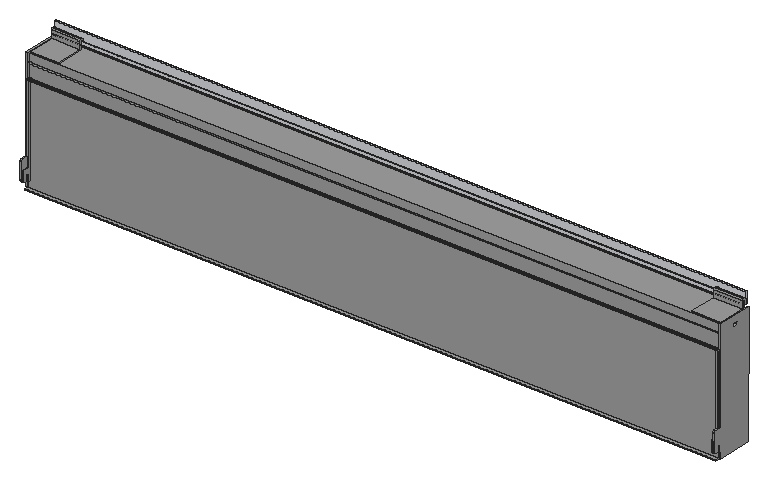
Revit family "Alcon-15233-2-6-Revit-Family", category Lighting Fixtures, host Ceiling, Revit 2021
Family settings
  Host = Ceiling
  Round Connector Dimension = Use Diameter
  Part Type = Normal
  Always vertical = Yes
  Cut with Voids When Loaded = No
  Light Source = Yes
  Shared = No
  Room Calculation Point = No
Parameters (values of type "15233-2 - 4FT")
  Wattage = 9.2903 W
  built-in parameter 1150110 = 1 (stored number, unit not read)
  built-in parameter 1114217 = 1 (stored number, unit not read)
  built-in parameter 1150109 = 1 (stored number, unit not read)
  built-in parameter 1150134 = 3
  built-in parameter 1150113 = 1 (stored number, unit not read)
  Reflector = Reflector
  Product Identity = "Alcon Lighting 15233-6"
  Manufacturer = "Alcon Light"
  built-in parameter 1150105 = 439.27 (stored number, unit not read)
  Lumens = 1380 lm
  built-in parameter 1150115 = 1 (stored number, unit not read)
  Link To Product Page = "https://www.alconlighting.com/15233-6-perimeter-led-cove-light-fixture.html"
  Light Source Symbol Size = 2' - 0"
  built-in parameter 1150137 = (empty or 0)
  built-in parameter 1150139 = (empty or 0)
  Length = 4' - 0"
  Led Source = Led Source
  built-in parameter 1150112 = 1 (stored number, unit not read)
  built-in parameter 1150114 = 1 (stored number, unit not read)
  built-in parameter 1150132 = (empty or 0)
  built-in parameter 1150102 = (empty or 0)
  built-in parameter 1150107 = 3200 (stored number, unit not read)
  built-in parameter 1150138 = (empty or 0)
  built-in parameter 1150106 = 4.3927 (stored number, unit not read)
  Housing = Default
  Lens = Lens
  Emit from Line Length = 4' - 0"
  built-in parameter 1150104 = 13.8 (stored number, unit not read)
  Dimming Lamp Color Temperature Shift = <None>
  Default Elevation = 0' - 0"
  Color Filter = 16777215
  built-in parameter 1114218 = 1 (stored number, unit not read)
  built-in parameter 1150133 = 10 (stored number, unit not read)
Types (4): name | Product Identity | Link To Product Page | Length | Emit from Line Length
  15233-2 - 8FT | "Alcon Lighting 15233-2" | "https://www.alconlighting.com/15233-2-perimeter-led-cove-light-fixture.html" | 8' - 0" | 8' - 0"
  15233-2 - 4FT | "Alcon Lighting 15233-6" | "https://www.alconlighting.com/15233-6-perimeter-led-cove-light-fixture.html" | 4' - 0" | 4' - 0"
  15233-2 - 3FT | "Alcon Lighting 15233-2" | "https://www.alconlighting.com/15233-2-perimeter-led-cove-light-fixture.html" | 3' - 0" | 3' - 0"
  15233-2 - 2FT | "Alcon Lighting 15233-2" | "https://www.alconlighting.com/15233-2-perimeter-led-cove-light-fixture.html" | 2' - 0" | 2' - 0"
Reference planes (in)
  plane 1 "Center (Front/Back)": y = 0
  plane 2: z = 0
  plane 3 "Center (Left/Right)": x = 0
  plane 4 "Ceiling": z = 157.48031
Forms (in)
  Extrusion 1, solid, material "Default" <- "Housing"
    sketch origin (0, 0, 324.42063) x (0, -1, 0) y (0, 0, -1)
      loop
        line (-1.10507, 160.94031) -> (-1.17, 160.94031) -> (-1.17, 160.25987)
        arc (-1.17, 160.25987) -> (-1.1514, 160.22514) -> (-1.17, 160.19041) r 0.04173
        line (-1.17, 160.19041) -> (-1.17, 159.26536)
        arc (-1.17, 159.26536) -> (-1.1514, 159.23063) -> (-1.17, 159.1959) r 0.04173
        line (-1.17, 159.1959) -> (-1.17, 158.63031) -> (1.17, 158.63031) -> (1.17, 159.1959)
        arc (1.17, 159.1959) -> (1.1514, 159.23063) -> (1.17, 159.26536) r 0.04173
        line (1.17, 159.26536) -> (1.17, 160.19041)
        arc (1.17, 160.19041) -> (1.1514, 160.22514) -> (1.17, 160.25987) r 0.04173
        line (1.17, 160.25987) -> (1.17, 160.94031) -> (1.10507, 160.94031) -> (1.10507, 160.59384) -> (0.94451, 160.59384) -> (0.94451, 160.39651) -> (1.01249, 160.39651) -> (1.01249, 160.49344) -> (1.10507, 160.49344) -> (1.10507, 160.30581) -> (0.94451, 160.30581) -> (0.94451, 160.15243) -> (1.10507, 160.15243) -> (1.10507, 159.86853) -> (0.98124, 159.86853) -> (0.98124, 159.95891) -> (0.89763, 159.95891) -> (0.89763, 159.56434) -> (0.97504, 159.56434) -> (0.97504, 159.78837) -> (1.10507, 159.78837) -> (1.10507, 159.35818) -> (0.94451, 159.35818) -> (0.94451, 159.10332) -> (1.10507, 159.10332) -> (1.10507, 158.69406) -> (-1.10507, 158.69406) -> (-1.10507, 159.10332) -> (-0.94451, 159.10332) -> (-0.94451, 159.35818) -> (-1.10507, 159.35818) -> (-1.10507, 159.78837) -> (-0.97504, 159.78837) -> (-0.97504, 159.56434) -> (-0.89763, 159.56434) -> (-0.89763, 159.95891) -> (-0.98124, 159.95891) -> (-0.98124, 159.86853) -> (-1.10507, 159.86853) -> (-1.10507, 160.15243) -> (-0.94451, 160.15243) -> (-0.94451, 160.30581) -> (-1.10507, 160.30581) -> (-1.10507, 160.49344) -> (-1.01249, 160.49344) -> (-1.01249, 160.39651) -> (-0.94451, 160.39651) -> (-0.94451, 160.59384) -> (-1.10507, 160.59384) -> (-1.10507, 160.94031)
      loop
        line (-1.10507, 160.25987) -> (-1.10507, 160.19041) -> (-0.99687, 160.19041) -> (-0.99687, 160.25987) -> (-1.10507, 160.25987)
      loop
        line (-1.10507, 159.26536) -> (-1.10507, 159.1959) -> (-0.99687, 159.1959) -> (-0.99687, 159.26536) -> (-1.10507, 159.26536)
      loop
        line (1.10507, 160.25987) -> (0.99687, 160.25987) -> (0.99687, 160.19041) -> (1.10507, 160.19041) -> (1.10507, 160.25987)
      loop
        line (1.10507, 159.26536) -> (0.99687, 159.26536) -> (0.99687, 159.1959) -> (1.10507, 159.1959) -> (1.10507, 159.26536)
    from 0 to 48
  Extrusion 2, solid, material "Default" <- "Housing"
    sketch origin (0, 0, 324.49875) x (0, -1, 0) y (0, 0, -1)
      loop
        line (0.43275, 159.91309) -> (-0.43275, 159.91309) -> (-0.38581, 159.96003) -> (-0.40888, 160.01719) -> (-0.4398, 160.0047) -> (-0.42292, 159.96289) -> (-0.46437, 159.92144) -> (-0.86552, 160.91526)
        arc (-0.86552, 160.91526) -> (-0.85997, 160.93651) -> (-0.83803, 160.93734) r 0.01841
        line (-0.83803, 160.93734) -> (-0.80943, 160.91772) -> (-0.80943, 160.97547) -> (-0.88982, 160.97547) -> (-0.90716, 161.01844) -> (-1.10507, 161.01844) -> (-1.10507, 160.89872) -> (-0.94451, 160.66941) -> (-0.94451, 160.03704) -> (-0.55369, 160.03704) -> (-0.48631, 159.87012) -> (0.48631, 159.87012) -> (0.55369, 160.03704) -> (0.94451, 160.03704) -> (0.94451, 160.66941) -> (1.10507, 160.89872) -> (1.10507, 161.01844) -> (0.90716, 161.01844) -> (0.88982, 160.97547) -> (0.80943, 160.97547) -> (0.80943, 160.91772) -> (0.83803, 160.93734)
        arc (0.83803, 160.93734) -> (0.85997, 160.93651) -> (0.86552, 160.91526) r 0.01841
        line (0.86552, 160.91526) -> (0.46437, 159.92144) -> (0.42292, 159.96289) -> (0.4398, 160.0047) -> (0.40888, 160.01719) -> (0.38581, 159.96003) -> (0.43275, 159.91309)
      loop
        line (-0.57103, 160.08001) -> (-0.93247, 160.97547) -> (-1.0621, 160.97547) -> (-1.0621, 160.91226) -> (-0.90154, 160.68295) -> (-0.90154, 160.08001) -> (-0.57103, 160.08001)
      loop
        line (0.57103, 160.08001) -> (0.90154, 160.08001) -> (0.90154, 160.68295) -> (1.0621, 160.91226) -> (1.0621, 160.97547) -> (0.93247, 160.97547) -> (0.57103, 160.08001)
    from 0 to 48
  Extrusion 3, solid, material "Lens" <- "Lens"
    sketch origin (0, 0, 323.99875) x (0, -1, 0) y (0, 0, -1)
      loop
        line (0.84771, 160.38421) -> (0.84771, 160.41825) -> (-0.85144, 160.41825) -> (-0.85144, 160.38421) -> (0.84771, 160.38421)
    from 0 to 48
  Extrusion 4, solid, material "Reflector" <- "Reflector"
    sketch origin (0, 0, 324.49875) x (0, -1, 0) y (0, 0, -1)
      loop
        line (-0.47251, 159.9416) -> (-0.42506, 159.96075) -> (-0.79121, 160.8679) -> (-0.83867, 160.84875) -> (-0.47251, 159.9416)
      loop
        line (0.4736, 159.9443) -> (0.83843, 160.84815) -> (0.79853, 160.86425) -> (0.43371, 159.9604) -> (0.4736, 159.9443)
    from 0 to 48
  Extrusion 5, solid, material "Led Source" <- "Led Source"
    sketch origin (0, 0, 324.49875) x (0, -1, 0) y (0, 0, -1)
      loop
        line (0.2188, 159.91309) -> (0.2188, 159.95517) -> (-0.2188, 159.95517) -> (-0.2188, 159.91309) -> (0.2188, 159.91309)
    from 0 to 48
  Extrusion 6, void
    sketch origin (0, 0, 157.48031) x (0, 1, 0) y (-1, 0, 0)
      loop
        line (-1.17, 0) -> (-1.17, -48) -> (1.17, -48) -> (1.17, 0) -> (-1.17, 0)
    from -0.06276 to 9.33407
  Extrusion 7, solid
    sketch origin (0, 0, 6) x (0, 1, 0) y (0, 0, 1)
      loop
        line (1.17, 160.81439) -> (1.1166, 160.81439) -> (1.1166, 160.08507) -> (0.96243, 160.08507) -> (0.96243, 160.33507) -> (0.89545, 160.33507) -> (0.89545, 160.08229)
        arc (0.89545, 160.08229) -> (0.91135, 160.04391) -> (0.94972, 160.02802) r 0.05427
        line (0.94972, 160.02802) -> (1.12549, 160.02802)
        arc (1.12549, 160.02802) -> (1.15696, 160.04106) -> (1.17, 160.07253) r 0.04451
        line (1.17, 160.07253) -> (1.17, 160.81439)
    from 0 to 48
  Extrusion 8, solid, material "Default" <- "Housing"
    sketch origin (0, 0, 6) x (0, 1, 0) y (0, 0, 1)
      loop
        line (1.07327, 160.08507) -> (1.07327, 160.37206)
        arc (1.07327, 160.37206) -> (1.04865, 160.4315) -> (0.9892, 160.45612) r 0.08407
        line (0.9892, 160.45612) -> (0.91692, 160.45612)
        arc (0.91692, 160.45612) -> (0.8507, 160.42869) -> (0.82327, 160.36247) r 0.09365
        line (0.82327, 160.36247) -> (0.82327, 159.84307) -> (-1.07222, 159.84307) -> (-1.07222, 159.79031) -> (0.87747, 159.79031) -> (0.87747, 160.34758)
        arc (0.87747, 160.34758) -> (0.89095, 160.38012) -> (0.92349, 160.3936) r 0.04602
        line (0.92349, 160.3936) -> (0.97147, 160.3936)
        arc (0.97147, 160.3936) -> (1.003, 160.38055) -> (1.01606, 160.34902) r 0.04459
        line (1.01606, 160.34902) -> (1.01606, 160.08507) -> (1.07327, 160.08507)
    from 0 to 2
  Extrusion 9, solid, material "Default" <- "Housing"
    sketch origin (0, 0, 6) x (0, 1, 0) y (0, 0, 1)
      loop
        line (1.07327, 160.08507) -> (1.07327, 160.37206)
        arc (1.07327, 160.37206) -> (1.04865, 160.4315) -> (0.9892, 160.45612) r 0.08407
        line (0.9892, 160.45612) -> (0.91692, 160.45612)
        arc (0.91692, 160.45612) -> (0.8507, 160.42869) -> (0.82327, 160.36247) r 0.09365
        line (0.82327, 160.36247) -> (0.82327, 159.84307) -> (-1.07222, 159.84307) -> (-1.07222, 159.79031) -> (0.87747, 159.79031) -> (0.87747, 160.34758)
        arc (0.87747, 160.34758) -> (0.89095, 160.38012) -> (0.92349, 160.3936) r 0.04602
        line (0.92349, 160.3936) -> (0.97147, 160.3936)
        arc (0.97147, 160.3936) -> (1.003, 160.38055) -> (1.01606, 160.34902) r 0.04459
        line (1.01606, 160.34902) -> (1.01606, 160.08507) -> (1.07327, 160.08507)
    from 46 to 48
  Extrusion 10, solid, material "Default" <- "Housing"
    sketch origin (0, 0, 6) x (0, 1, 0) y (0, 0, 1)
      loop
        line (-1.17, 158.25919) -> (-1.34217, 158.25919) -> (-1.34217, 158.20784) -> (-1.20239, 158.20784) -> (-1.20239, 151.48031) -> (-1.45239, 151.48031) -> (-1.45239, 151.42755) -> (-1.17, 151.42755) -> (-1.17, 158.25919)
    from 0 to 48
  Extrusion 11, solid, material "Default" <- "Housing"
    sketch origin (0, 0, 3.50391) x (0, 1, 0) y (0, 0, 1)
      loop
        line (-1.20239, 153.9764) -> (1.17, 153.9764) -> (1.17, 162.34728) -> (-1.20239, 162.34728) -> (-1.20239, 155.8825) -> (-1.63309, 155.8825)
        arc (-1.63309, 155.8825) -> (-1.69446, 155.85708) -> (-1.71988, 155.79571) r 0.08679
        line (-1.71988, 155.79571) -> (-1.71988, 154.58599)
        arc (-1.71988, 154.58599) -> (-1.6973, 154.53147) -> (-1.64279, 154.50889) r 0.0771
        line (-1.64279, 154.50889) -> (-1.5854, 154.50889)
        arc (-1.5854, 154.50889) -> (-1.53557, 154.52953) -> (-1.51493, 154.57935) r 0.07046
        line (-1.51493, 154.57935) -> (-1.51493, 154.89687) -> (-1.28446, 154.89687) -> (-1.28446, 154.47577)
        arc (-1.28446, 154.47577) -> (-1.27244, 154.44674) -> (-1.24341, 154.43472) r 0.04105
        line (-1.24341, 154.43472) -> (-1.20239, 154.43472) -> (-1.20239, 153.9764)
      loop
        circle (-1.51997, 155.57418) r 0.05557
      loop
        circle (0, 161.80592) r 0.16861
    from -0.125 to 0
  Extrusion 12, solid, material "Default" <- "Housing"
    sketch origin (0, 0, 3.50391) x (0, 1, 0) y (0, 0, 1)
      loop
        line (-1.20239, 153.9764) -> (1.17, 153.9764) -> (1.17, 162.34728) -> (-1.20239, 162.34728) -> (-1.20239, 155.8825) -> (-1.63309, 155.8825)
        arc (-1.63309, 155.8825) -> (-1.69446, 155.85708) -> (-1.71988, 155.79571) r 0.08679
        line (-1.71988, 155.79571) -> (-1.71988, 154.58599)
        arc (-1.71988, 154.58599) -> (-1.6973, 154.53147) -> (-1.64279, 154.50889) r 0.0771
        line (-1.64279, 154.50889) -> (-1.5854, 154.50889)
        arc (-1.5854, 154.50889) -> (-1.53557, 154.52953) -> (-1.51493, 154.57935) r 0.07046
        line (-1.51493, 154.57935) -> (-1.51493, 154.89687) -> (-1.28446, 154.89687) -> (-1.28446, 154.47577)
        arc (-1.28446, 154.47577) -> (-1.27244, 154.44674) -> (-1.24341, 154.43472) r 0.04105
        line (-1.24341, 154.43472) -> (-1.20239, 154.43472) -> (-1.20239, 153.9764)
      loop
        circle (0, 161.80592) r 0.16861
      loop
        circle (-1.51997, 155.57418) r 0.05557
    from 48 to 48.125
  Extrusion 13, solid, material "Default" <- "Housing"
    sketch origin (0, 0, 3.50391) x (0, 1, 0) y (0, 0, 1)
      loop
        line (-1.20239, 154.43472) -> (-1.20239, 160.70393) -> (-1.33203, 160.70393) -> (-1.33203, 155.2761) -> (-1.63672, 155.2761)
        arc (-1.63672, 155.2761) -> (-1.69552, 155.25175) -> (-1.71988, 155.19294) r 0.08317
        line (-1.71988, 155.19294) -> (-1.71988, 154.58599)
        arc (-1.71988, 154.58599) -> (-1.6973, 154.53147) -> (-1.64279, 154.50889) r 0.0771
        line (-1.64279, 154.50889) -> (-1.5854, 154.50889)
        arc (-1.5854, 154.50889) -> (-1.53557, 154.52953) -> (-1.51493, 154.57935) r 0.07046
        line (-1.51493, 154.57935) -> (-1.51493, 154.89687) -> (-1.28446, 154.89687) -> (-1.28446, 154.47577)
        arc (-1.28446, 154.47577) -> (-1.27244, 154.44674) -> (-1.24341, 154.43472) r 0.04105
        line (-1.24341, 154.43472) -> (-1.20239, 154.43472)
      loop
        circle (-1.52283, 155.15054) r 0.04501
    from 0 to 0.125
  Extrusion 14, solid, material "Default" <- "Housing"
    sketch origin (0, 0, 3.50391) x (0, 1, 0) y (0, 0, 1)
      loop
        line (-1.20239, 154.43472) -> (-1.20239, 160.70393) -> (-1.33203, 160.70393) -> (-1.33203, 155.2761) -> (-1.63672, 155.2761)
        arc (-1.63672, 155.2761) -> (-1.69552, 155.25175) -> (-1.71988, 155.19294) r 0.08317
        line (-1.71988, 155.19294) -> (-1.71988, 154.58599)
        arc (-1.71988, 154.58599) -> (-1.6973, 154.53147) -> (-1.64279, 154.50889) r 0.0771
        line (-1.64279, 154.50889) -> (-1.5854, 154.50889)
        arc (-1.5854, 154.50889) -> (-1.53557, 154.52953) -> (-1.51493, 154.57935) r 0.07046
        line (-1.51493, 154.57935) -> (-1.51493, 154.89687) -> (-1.28446, 154.89687) -> (-1.28446, 154.47577)
        arc (-1.28446, 154.47577) -> (-1.27244, 154.44674) -> (-1.24341, 154.43472) r 0.04105
        line (-1.24341, 154.43472) -> (-1.20239, 154.43472)
      loop
        circle (-1.52283, 155.15054) r 0.04501
    from 47.875 to 48
Dimensions and locks (in)
  equal spacing: host sketch curve, plane 3 "Center (Left/Right)", host sketch curve
  equal spacing: host sketch curve, plane 1 "Center (Front/Back)", host sketch curve
  host sketch curve to host sketch curve = 13' - 1.48031"  (x2)
  plane 4 "Ceiling" to host ceiling = 0' - 0"
  "Length": plane 3 "Center (Left/Right)" to Extrusion 5
  "Length": plane 3 "Center (Left/Right)" to Extrusion 6
  "Length": plane 3 "Center (Left/Right)" to Extrusion 3
  "Length": plane 3 "Center (Left/Right)" to Extrusion 2
  "Length": plane 3 "Center (Left/Right)" to Extrusion 1
  "Length": plane 3 "Center (Left/Right)" to Extrusion 4
  locked: Extrusion 9 to Extrusion 6 at 2
  locked: Extrusion 14 to Extrusion 12 at 0.125
  locked: Extrusion 6 to Extrusion 12 at 0.125
  aligned and locked: Extrusion 6 to Extrusion 7
  aligned and locked: Extrusion 1 to Extrusion 9
  aligned and locked: Extrusion 10 to Extrusion 1
  aligned and locked: Extrusion 12 to Extrusion 1
  aligned and locked: Extrusion 1 to Extrusion 14
Automatic sketch dimensions
  Extrusion 1 sketch curve to plane 4 "Ceiling" = 0' - 6"  (x2)
  Extrusion 1 sketch curve to plane 1 "Center (Front/Back)" = 0' - 1.19313"
  Extrusion 1 sketch curve to Extrusion 1 sketch curve = 0' - 0"  (x13)
  Extrusion 1 sketch curve to Extrusion 1 sketch curve = 0' - 0.02313"  (x5)
  Extrusion 1 sketch curve to Extrusion 1 sketch curve = 0' - 0.06493"  (x8)
  Extrusion 1 sketch curve to Extrusion 1 sketch curve = 0' - 0.09258"  (x3)
  Extrusion 1 sketch curve to Extrusion 1 sketch curve = 0' - 0.10821"  (x5)
  Extrusion 1 sketch curve to Extrusion 1 sketch curve = 0' - 0.12383"
  Extrusion 1 sketch curve to Extrusion 1 sketch curve = 0' - 0.13003"
  Extrusion 1 sketch curve to Extrusion 1 sketch curve = 0' - 0.06799"  (x2)
  Extrusion 1 sketch curve to Extrusion 1 sketch curve = 0' - 0.05236"  (x4)
  Extrusion 1 sketch curve to Extrusion 1 sketch curve = 0' - 0.08361"
  plane 1 "Center (Front/Back)" to Extrusion 1 sketch curve = 0' - 0.89763"
  Extrusion 1 sketch curve to Extrusion 1 sketch curve = 0' - 0 3/64"  (x2)
  Extrusion 1 sketch curve to Extrusion 1 sketch curve = 0' - 0.07741"
  Extrusion 1 sketch curve to Extrusion 1 sketch curve = 0' - 0.0062"
  Extrusion 1 sketch curve to Extrusion 1 sketch curve = 0' - 0.16057"
  Extrusion 1 sketch curve to plane 4 "Ceiling" = 0' - 6.34648"  (x2)
  Extrusion 1 sketch curve to Extrusion 1 sketch curve = 0' - 0.1004"  (x2)
  Extrusion 1 sketch curve to Extrusion 1 sketch curve = 0' - 0.09693"  (x2)
  Extrusion 1 sketch curve to Extrusion 1 sketch curve = 0' - 0.0907"  (x2)
  Extrusion 1 sketch curve to Extrusion 1 sketch curve = 0' - 0.04594"  (x2)
  Extrusion 1 sketch curve to Extrusion 1 sketch curve = 0' - 0.03473"  (x4)
  Extrusion 1 sketch curve to Extrusion 1 sketch curve = 0' - 0.06946"  (x2)
  Extrusion 1 sketch curve to Extrusion 1 sketch curve = 0' - 0.03798"  (x2)
  Extrusion 1 sketch curve to Extrusion 1 sketch curve = 0' - 0.19351"  (x2)
  Extrusion 1 sketch curve to Extrusion 1 sketch curve = 0' - 0.09038"  (x2)
  Extrusion 1 sketch curve to Extrusion 1 sketch curve = 0' - 0.08016"  (x2)
  Extrusion 1 sketch curve to Extrusion 1 sketch curve = 0' - 0.22403"  (x2)
  Extrusion 1 sketch curve to Extrusion 1 sketch curve = 0' - 0.20617"  (x2)
  Extrusion 1 sketch curve to Extrusion 1 sketch curve = 0' - 0.09282"  (x2)
  Extrusion 1 sketch curve to Extrusion 1 sketch curve = 0' - 0.40926"
  Extrusion 1 sketch curve to Extrusion 1 sketch curve = 0' - 0.06375"
  Extrusion 3 sketch curve to plane 1 "Center (Front/Back)" = 0' - 0.85144"
  plane 1 "Center (Front/Back)" to Extrusion 3 sketch curve = 0' - 0.84771"
  Extrusion 3 sketch curve to plane 4 "Ceiling" = 0' - 6.13423"
  Extrusion 3 sketch curve to Extrusion 3 sketch curve = 0' - 0.03404"
  Extrusion 5 sketch curve to plane 1 "Center (Front/Back)" = 0' - 0.2188"
  Extrusion 5 sketch curve to Extrusion 5 sketch curve = 0' - 0.4376"
  Extrusion 5 sketch curve to plane 4 "Ceiling" = 0' - 7.10535"
  Extrusion 5 sketch curve to Extrusion 5 sketch curve = 0' - 0.04208"
  Extrusion 6 sketch curve to plane 3 "Center (Left/Right)" = 0' - 0"
  plane 1 "Center (Front/Back)" to Extrusion 6 sketch curve = 0' - 1.17"
  Extrusion 6 sketch curve to plane 1 "Center (Front/Back)" = 0' - 1.17"
  plane 3 "Center (Left/Right)" to Extrusion 6 sketch curve = 4' - 0"
  plane 1 "Center (Front/Back)" to Extrusion 7 sketch curve = 0' - 0.89545"
  Extrusion 7 sketch curve to Extrusion 7 sketch curve = 0' - 0.05427"
  Extrusion 7 sketch curve to Extrusion 7 sketch curve = 0' - 0.06698"
  Extrusion 7 sketch curve to Extrusion 7 sketch curve = 0' - 0.15417"
  Extrusion 7 sketch curve to Extrusion 7 sketch curve = 0' - 0.00889"
  Extrusion 7 sketch curve to Extrusion 7 sketch curve = 0' - 0.0534"
  Extrusion 7 sketch curve to plane 4 "Ceiling" = 0' - 8.5477"
  Extrusion 7 sketch curve to Extrusion 7 sketch curve = 0' - 0.01254"
  Extrusion 7 sketch curve to Extrusion 7 sketch curve = 0' - 0 1/4"
  Extrusion 7 sketch curve to Extrusion 7 sketch curve = 0' - 0.47931"
  Extrusion 8 sketch curve to plane 1 "Center (Front/Back)" = 0' - 1.07222"
  Extrusion 8 sketch curve to Extrusion 8 sketch curve = 0' - 1.89549"
  Extrusion 8 sketch curve to Extrusion 8 sketch curve = 0' - 0.0542"
  Extrusion 8 sketch curve to Extrusion 8 sketch curve = 0' - 0.03945"
  Extrusion 8 sketch curve to Extrusion 8 sketch curve = 0' - 0.00657"
  Extrusion 8 sketch curve to Extrusion 8 sketch curve = 0' - 0.04798"
  Extrusion 8 sketch curve to Extrusion 8 sketch curve = 0' - 0.01773"
  Extrusion 8 sketch curve to Extrusion 8 sketch curve = 0' - 0.04459"
  Extrusion 8 sketch curve to Extrusion 8 sketch curve = 0' - 0.05721"
  Extrusion 8 sketch curve to plane 4 "Ceiling" = 0' - 8.31"
  Extrusion 8 sketch curve to Extrusion 8 sketch curve = 0' - 0.05275"
  Extrusion 8 sketch curve to Extrusion 8 sketch curve = 0' - 0.24201"
  Extrusion 8 sketch curve to Extrusion 8 sketch curve = 0' - 0.26251"
  Extrusion 8 sketch curve to Extrusion 8 sketch curve = 0' - 0.01489"
  Extrusion 9 sketch curve to plane 1 "Center (Front/Back)" = 0' - 1.07222"
  Extrusion 9 sketch curve to Extrusion 9 sketch curve = 0' - 1.89549"
  Extrusion 9 sketch curve to Extrusion 9 sketch curve = 0' - 0.0542"
  Extrusion 9 sketch curve to Extrusion 9 sketch curve = 0' - 0.03945"
  Extrusion 9 sketch curve to Extrusion 9 sketch curve = 0' - 0.00657"
  Extrusion 9 sketch curve to Extrusion 9 sketch curve = 0' - 0.04798"
  Extrusion 9 sketch curve to Extrusion 9 sketch curve = 0' - 0.01773"
  Extrusion 9 sketch curve to Extrusion 9 sketch curve = 0' - 0.04459"
  Extrusion 9 sketch curve to Extrusion 9 sketch curve = 0' - 0.05721"
  Extrusion 9 sketch curve to plane 4 "Ceiling" = 0' - 8.31"
  Extrusion 9 sketch curve to Extrusion 9 sketch curve = 0' - 0.05275"
  Extrusion 9 sketch curve to Extrusion 9 sketch curve = 0' - 0.24201"
  Extrusion 9 sketch curve to Extrusion 9 sketch curve = 0' - 0.26251"
  Extrusion 9 sketch curve to Extrusion 9 sketch curve = 0' - 0.01489"
  Extrusion 2 sketch curve to plane 1 "Center (Front/Back)" = 0' - 1.10507"
  Extrusion 2 sketch curve to Extrusion 2 sketch curve = 0' - 0 11/256"  (x9)
  Extrusion 2 sketch curve to Extrusion 2 sketch curve = 0' - 0.1176"
  Extrusion 2 sketch curve to Extrusion 2 sketch curve = 0' - 0.12963"  (x2)
  Extrusion 2 sketch curve to Extrusion 2 sketch curve = 0' - 0.02531"
  Extrusion 2 sketch curve to Extrusion 2 sketch curve = 0' - 0.04265"  (x2)
  Extrusion 2 sketch curve to Extrusion 2 sketch curve = 0' - 0.0243"
  Extrusion 2 sketch curve to Extrusion 2 sketch curve = 0' - 0.01707"  (x2)
  Extrusion 2 sketch curve to Extrusion 2 sketch curve = 0' - 0.01041"  (x2)
  Extrusion 2 sketch curve to Extrusion 2 sketch curve = 0' - 0.0286"  (x2)
  Extrusion 2 sketch curve to Extrusion 2 sketch curve = 0' - 0.33051"  (x2)
  Extrusion 2 sketch curve to Extrusion 2 sketch curve = 0' - 0.01734"  (x3)
  Extrusion 2 sketch curve to Extrusion 2 sketch curve = 0' - 0.06737"
  Extrusion 2 sketch curve to Extrusion 2 sketch curve = 0' - 0.02194"  (x2)
  Extrusion 2 sketch curve to Extrusion 2 sketch curve = 0' - 0.02457"
  Extrusion 2 sketch curve to Extrusion 2 sketch curve = 0' - 0.03162"  (x2)
  Extrusion 2 sketch curve to Extrusion 2 sketch curve = 0' - 0.01688"
  Extrusion 2 sketch curve to Extrusion 2 sketch curve = 0' - 0.03092"  (x2)
  Extrusion 2 sketch curve to Extrusion 2 sketch curve = 0' - 0.03711"  (x2)
  Extrusion 2 sketch curve to Extrusion 2 sketch curve = 0' - 0.77162"
  Extrusion 2 sketch curve to Extrusion 2 sketch curve = 0' - 0.02307"
  Extrusion 2 sketch curve to Extrusion 2 sketch curve = 0' - 0.04145"
  Extrusion 2 sketch curve to Extrusion 2 sketch curve = 0' - 0.11389"
  Extrusion 2 sketch curve to Extrusion 2 sketch curve = 0' - 0.2384"
  Extrusion 2 sketch curve to Extrusion 2 sketch curve = 0' - 0.05179"
  Extrusion 2 sketch curve to plane 4 "Ceiling" = 0' - 7.14832"
  Extrusion 2 sketch curve to Extrusion 2 sketch curve = 0' - 0.00835"  (x2)
  Extrusion 2 sketch curve to Extrusion 2 sketch curve = 0' - 0.04694"
  Extrusion 2 sketch curve to Extrusion 2 sketch curve = 0' - 0.0386"
  Extrusion 2 sketch curve to Extrusion 2 sketch curve = 0' - 0.00285"  (x2)
  Extrusion 2 sketch curve to Extrusion 2 sketch curve = 0' - 0.16692"
  Extrusion 2 sketch curve to Extrusion 2 sketch curve = 0' - 0.03233"
  Extrusion 2 sketch curve to Extrusion 2 sketch curve = 0' - 0.5894"  (x2)
  Extrusion 2 sketch curve to Extrusion 2 sketch curve = 0' - 0.01355"  (x4)
  Extrusion 2 sketch curve to Extrusion 2 sketch curve = 0' - 0.22931"  (x2)
  Extrusion 2 sketch curve to Extrusion 2 sketch curve = 0' - 0.003"  (x2)
  Extrusion 2 sketch curve to Extrusion 2 sketch curve = 0' - 0.00246"  (x2)
  Extrusion 2 sketch curve to Extrusion 2 sketch curve = 0' - 0.00689"  (x2)
  Extrusion 2 sketch curve to Extrusion 2 sketch curve = 0' - 0.06021"
  Extrusion 2 sketch curve to Extrusion 2 sketch curve = 0' - 0.03814"
  Extrusion 2 sketch curve to Extrusion 2 sketch curve = 0' - 0.06321"
  Extrusion 2 sketch curve to Extrusion 2 sketch curve = 0' - 0"
  Extrusion 4 sketch curve to plane 1 "Center (Front/Back)" = 0' - 0.83867"
  Extrusion 4 sketch curve to Extrusion 4 sketch curve = 0' - 0.04745"
  Extrusion 4 sketch curve to Extrusion 4 sketch curve = 0' - 0.36616"
  Extrusion 4 sketch curve to Extrusion 4 sketch curve = 0' - 1.22359"
  Extrusion 4 sketch curve to Extrusion 4 sketch curve = 0' - 0.03989"
  Extrusion 4 sketch curve to Extrusion 4 sketch curve = 0' - 0.01915"
  Extrusion 4 sketch curve to Extrusion 4 sketch curve = 0' - 0.8874"
  Extrusion 4 sketch curve to Extrusion 4 sketch curve = 0' - 0.0161"
  Extrusion 4 sketch curve to Extrusion 4 sketch curve = 0' - 0.85876"
  Extrusion 4 sketch curve to plane 4 "Ceiling" = 0' - 7.05804"
  Extrusion 13 sketch curve to plane 1 "Center (Front/Back)" = 0' - 1.71988"
  Extrusion 13 sketch curve to Extrusion 13 sketch curve = 0' - 0.0771"
  Extrusion 13 sketch curve to Extrusion 13 sketch curve = 0' - 0.08317"
  Extrusion 13 sketch curve to Extrusion 13 sketch curve = 0' - 0.05739"
  Extrusion 13 sketch curve to Extrusion 13 sketch curve = 0' - 0.11389"
  Extrusion 13 sketch curve to Extrusion 13 sketch curve = 0' - 0.00789"
  Extrusion 13 sketch curve to Extrusion 13 sketch curve = 0' - 0 39/128"
  Extrusion 13 sketch curve to Extrusion 13 sketch curve = 0' - 0 59/256"
  Extrusion 13 sketch curve to Extrusion 13 sketch curve = 0' - 0.04105"
  Extrusion 13 sketch curve to Extrusion 13 sketch curve = 0' - 0.12965"
  Extrusion 13 sketch curve to plane 4 "Ceiling" = 0' - 0.45832"
  Extrusion 13 sketch curve to Extrusion 13 sketch curve = 0' - 0.03312"
  Extrusion 13 sketch curve to Extrusion 13 sketch curve = 0' - 0.31751"
  Extrusion 13 sketch curve to Extrusion 13 sketch curve = 0' - 0.25367"
  Extrusion 13 sketch curve to Extrusion 13 sketch curve = 0' - 0.0424"
  Extrusion 13 sketch curve to Extrusion 13 sketch curve = 0' - 5.42783"
  Extrusion 14 sketch curve to plane 1 "Center (Front/Back)" = 0' - 1.71988"
  Extrusion 14 sketch curve to Extrusion 14 sketch curve = 0' - 0.0771"
  Extrusion 14 sketch curve to Extrusion 14 sketch curve = 0' - 0.08317"
  Extrusion 14 sketch curve to Extrusion 14 sketch curve = 0' - 0.05739"
  Extrusion 14 sketch curve to Extrusion 14 sketch curve = 0' - 0.11389"
  Extrusion 14 sketch curve to Extrusion 14 sketch curve = 0' - 0.00789"
  Extrusion 14 sketch curve to Extrusion 14 sketch curve = 0' - 0 39/128"
  Extrusion 14 sketch curve to Extrusion 14 sketch curve = 0' - 0 59/256"
  Extrusion 14 sketch curve to Extrusion 14 sketch curve = 0' - 0.04105"
  Extrusion 14 sketch curve to Extrusion 14 sketch curve = 0' - 0.12965"
  Extrusion 14 sketch curve to plane 4 "Ceiling" = 0' - 0.45832"
  Extrusion 14 sketch curve to Extrusion 14 sketch curve = 0' - 0.03312"
  Extrusion 14 sketch curve to Extrusion 14 sketch curve = 0' - 0.31751"
  Extrusion 14 sketch curve to Extrusion 14 sketch curve = 0' - 0.25367"
  Extrusion 14 sketch curve to Extrusion 14 sketch curve = 0' - 0.0424"
  Extrusion 14 sketch curve to Extrusion 14 sketch curve = 0' - 5.42783"
  plane 4 "Ceiling" to Extrusion 10 sketch curve = 0' - 0.05276"
  Extrusion 10 sketch curve to plane 1 "Center (Front/Back)" = 0' - 1.45239"
  Extrusion 10 sketch curve to Extrusion 10 sketch curve = 0' - 0.11021"
  Extrusion 10 sketch curve to Extrusion 10 sketch curve = 0' - 0 1/4"
  Extrusion 10 sketch curve to Extrusion 10 sketch curve = 0' - 0.03239"
  Extrusion 10 sketch curve to Extrusion 10 sketch curve = 0' - 0.05276"
  Extrusion 10 sketch curve to Extrusion 10 sketch curve = 0' - 6.72753"
  Extrusion 10 sketch curve to Extrusion 10 sketch curve = 0' - 0.05135"
  Extrusion 11 sketch curve to plane 4 "Ceiling" = 0' - 0.60959"
  Extrusion 11 sketch curve to plane 1 "Center (Front/Back)" = 0' - 1.71988"
  Extrusion 11 sketch curve to Extrusion 11 sketch curve = 0' - 0.0771"
  Extrusion 11 sketch curve to Extrusion 11 sketch curve = 0' - 0.08679"
  Extrusion 11 sketch curve to Extrusion 11 sketch curve = 0' - 0.05739"
  Extrusion 11 sketch curve to Extrusion 11 sketch curve = 0' - 0.11312"
  Extrusion 11 sketch curve to Extrusion 11 sketch curve = 0' - 0.07046"
  Extrusion 11 sketch curve to Extrusion 11 sketch curve = 0' - 0 59/256"
  Extrusion 11 sketch curve to Extrusion 11 sketch curve = 0' - 0.04105"
  Extrusion 11 sketch curve to Extrusion 11 sketch curve = 0' - 0.04102"
  Extrusion 11 sketch curve to Extrusion 11 sketch curve = 0' - 0.43071"
  Extrusion 11 sketch curve to Extrusion 11 sketch curve = 0' - 1.20239"
  Extrusion 11 sketch curve to Extrusion 11 sketch curve = 0' - 1.17"
  Extrusion 11 sketch curve to Extrusion 11 sketch curve = 0' - 0.10358"
  Extrusion 11 sketch curve to plane 4 "Ceiling" = 0' - 0"
  Extrusion 11 sketch curve to Extrusion 11 sketch curve = 0' - 0.31751"
  Extrusion 11 sketch curve to Extrusion 11 sketch curve = 0' - 0.67731"
  Extrusion 11 sketch curve to Extrusion 11 sketch curve = 0' - 0.22153"
  Extrusion 11 sketch curve to Extrusion 11 sketch curve = 0' - 5.92341"
  Extrusion 11 sketch curve to Extrusion 11 sketch curve = 0' - 0.54137"
  Extrusion 12 sketch curve to Extrusion 12 sketch curve = 0' - 0"  (x4)
  Extrusion 12 sketch curve to plane 1 "Center (Front/Back)" = 0' - 1.71988"
  Extrusion 12 sketch curve to Extrusion 12 sketch curve = 0' - 0.0771"
  Extrusion 12 sketch curve to Extrusion 12 sketch curve = 0' - 0.08679"
  Extrusion 12 sketch curve to Extrusion 12 sketch curve = 0' - 0.05739"
  Extrusion 12 sketch curve to Extrusion 12 sketch curve = 0' - 0.11312"
  Extrusion 12 sketch curve to Extrusion 12 sketch curve = 0' - 0.07046"
  Extrusion 12 sketch curve to Extrusion 12 sketch curve = 0' - 0 59/256"
  Extrusion 12 sketch curve to Extrusion 12 sketch curve = 0' - 0.04105"
  Extrusion 12 sketch curve to Extrusion 12 sketch curve = 0' - 0.04102"
  Extrusion 12 sketch curve to Extrusion 12 sketch curve = 0' - 0.43071"
  Extrusion 12 sketch curve to Extrusion 12 sketch curve = 0' - 1.20239"
  Extrusion 12 sketch curve to plane 4 "Ceiling" = 0' - 0"
  plane 1 "Center (Front/Back)" to Extrusion 12 sketch curve = 0' - 1.17"
  Extrusion 12 sketch curve to Extrusion 12 sketch curve = 0' - 0.45832"
  Extrusion 12 sketch curve to Extrusion 12 sketch curve = 0' - 0.03312"
  Extrusion 12 sketch curve to Extrusion 12 sketch curve = 0' - 0.31751"
  Extrusion 12 sketch curve to Extrusion 12 sketch curve = 0' - 0.67731"
  Extrusion 12 sketch curve to Extrusion 12 sketch curve = 0' - 0.22153"
  Extrusion 12 sketch curve to Extrusion 12 sketch curve = 0' - 5.92341"
  Extrusion 12 sketch curve to Extrusion 12 sketch curve = 0' - 0.54137"
  Extrusion 12 sketch curve to Extrusion 12 sketch curve = 0' - 0.05557"
  Extrusion 12 sketch curve to Extrusion 12 sketch curve = 0' - 0.16861"
  radius of Extrusion 13 sketch curve = 0' - 0.04501"
  radius of Extrusion 14 sketch curve = 0' - 0.04501"
  radius of Extrusion 11 sketch curve = 0' - 0.05557"
  radius of Extrusion 11 sketch curve = 0' - 0.16861"
